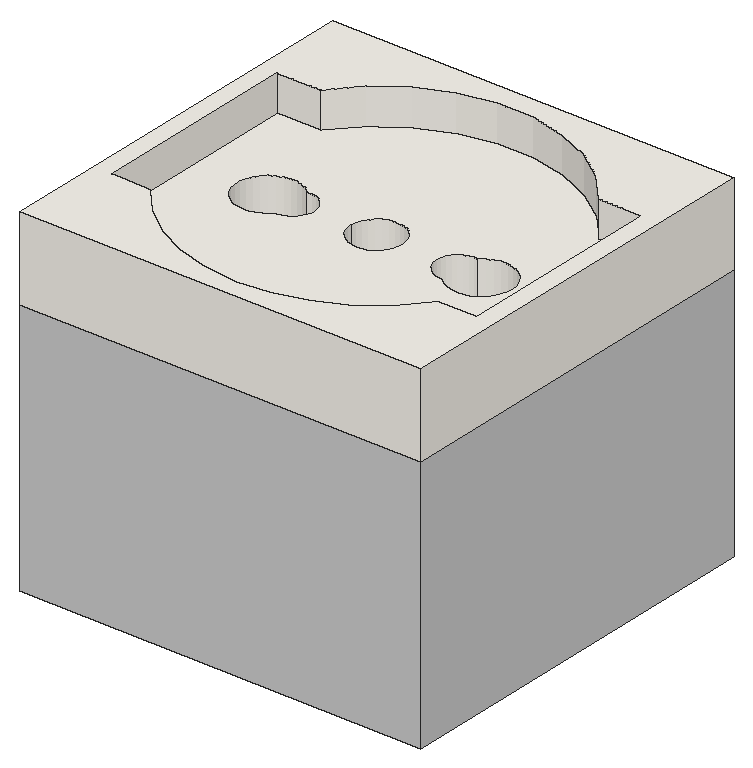
Revit family "Domotics-DomesticRanges-GEWISS-CHORUS_POWER-SOCKET-OUTLET_ITADEU_P17P30_16A", category Apparecchi elettrici, host Superficie, Revit 2016
Family settings
  Host = Superficie
  Mantenere orientamento annotazione = Sì
  Tipo di parte = Normale
  Quota connettore circolare = Usa diametro
  Numero OmniClass = 23.80.50.14
  Titolo OmniClass = Plug Connectors
  Taglio con vuoti quando caricato = Sì
  Condiviso = Sì
  Punto di calcolo locali = Sì
Parameters (values of type "GW14204 - Titanium")
  Wiring terminals = "With screw"
  Voltage: = "250 V ac"
  Voltage = "250 V ac"
  Volt = 230 V
  Vista di pianta [instance] = yes
  Version file RFA = "19.0"
  URL = "https://www.gewiss.com/ww/en"
  Type: = ""
  Tipo = CHORUS PRESE ITAGER P17-30 16A_BASE : TITANIO
  Thermo-pressure with ball = "125 °C"
  Terminal tightening capacity rigid cables (mm2) = "min. 0,5 - max. 2x2,5"
  Terminal tightening capacity flexible cables (mm2) = "min. 0,75 - max. 2x4"
  Terminal grip on cable traction = "> 50 N"
  Technical sheet = "https://www.gewiss.com/ww/en/search?q=GW14204"
  Standard; = "IEC 60884-1"
  Standard: = "Italian / German"
  Standard = "Italian / German"
  Socket-out type = "P40"
  Simbolo = SIMBOLO PRESE : PRESA
  SIMBOLO [instance] = yes
  SEO = "Socket outlet"
  Resistance at test voltage = "2000 V at 50 Hz for 1 minute"
  Realized by GEWISS S.p.A. = ""
  Prolonged operation (no.of position changes) = "10.000 at In 250 V ac cosØ=0,8"
  Produttore = "GEWISS S.p.A."
  No. Chorus modules: = "2"
  No. Chorus modules = "2"
  N. poli = 1
  Modello = "GW14204"
  Larghezza presa = 46 mm
  Insulation resistance = "> 5 MOhm"
  IFC.TypeObject = ""
  IFC.ExportType = ""
  IFC.ExportAs = ""
  Offset presa [instance] = 0 mm
  Offset bidimensionale [instance] = 2 mm
  IDT = "fcce76ed-0a56-4591-8a95-1ffc15be072f"
  IDF = "095116cd-1884-4926-bfb0-cf0118f987ce"
  Glow Wire Test = "850°C"
  For plug pins = "Ø 4 / 4.8 / 5 mm"
  Electrocod = "0131"
  Earth pit = "Side and central"
  EAN code = "8011564266315"
  Distanza_x [instance] = 0 mm
  Distanza_effettiva_x [instance] = 1500 mm - Distanza_x  # 1500 mm
  Default Elevation = 1219.2 mm
  Immagine tipo = GW14204.jpg
  Descrizione = "SOCK. 2M 2P+E 16A D.AM P30-17 IT/G ST T"
  Description: = "2P+E - 16 A Dual amperage"
  Description. = "Dual amperage socket-outlet"
  Colour = "Titanium"
  Characteristics = "With safety shields"
  Category = "Dual amperage socket-outlet"
  Catalogue Range = "CHORUS - DOMESTIC RANGE"
  Catalogue = "DOMOTICS"
  Carico apparente = 0 VA
  COBie.Tagnumber = ""
  COBie.CreatedOn = ""
  COBie.CreatebBy = ""
  COBie.ComponentRegisterItemID = ""
  COBie.Component.TagNumber = ""
  COBie.Component.Space = ""
  COBie.Component.SerialNumber = ""
  COBie.Component.InstallationDate = ""
  COBie.Component.Description = ""
  COBie.Component.BarCode = ""
  Breaking capacity: = "1.25 In (100 position changes)"
Types (6, lengths in mm): name | Type: | Tipo | Technical sheet | Modello | IDT | Earth pit | EAN code | Immagine tipo | Descrizione | Description: | Colour
  GW10204 - White | "" | CHORUS PRESE ITAGER P17-30 16A_BASE : BIANCO | "https://www.gewiss.com/ww/en/search?q=GW10204" | "GW10204" | "0ebb4f2f-e647-4dc0-b690-51a270f9549a" | "Side and central" | "8011564257924" | GW10204.jpg | "S. OUT. 2M 2P+E 16A D.AM P30-17 IT/DE WH" | "2P+E - 16 A Dual amperage" | "White"
  GW10214 - Rosso | "For allocated lines" | CHORUS PRESE ITAGER P17-30 16A_BASE : ROSSO | "https://www.gewiss.com/ww/en/search?q=GW10214" | "GW10214" | "3fbfa540-a7f5-445f-abc3-b40d03eab632" | "" | "8011564264885" | GW10214.jpg | "S. OUT. 2M 2P+E 16A D.AM P30-17 IT/DE RE" | "2P+E - 16 A Dual amperage illuminable" | "Red"
  GW10224 - Verde | "For allocated lines" | CHORUS PRESE ITAGER P17-30 16A_BASE : VERDE | "https://www.gewiss.com/ww/en/search?q=GW10224" | "GW10224" | "eea0418f-4d69-46fd-9712-c21e09ef3461" | "" | "8011564264892" | GW10224.jpg | "S. OUT. 2M 2P+E 16A D.AM P30-17 IT/DE GR" | "2P+E - 16 A Dual amperage illuminable" | "Green"
  GW10234 - Arancio | "For allocated lines" | CHORUS PRESE ITAGER P17-30 16A_BASE : ARANCIO | "https://www.gewiss.com/ww/en/search?q=GW10234" | "GW10234" | "64618dc2-4841-4573-8adf-2f212314cf16" | "" | "8011564264908" | GW10234.jpg | "S. OUT. 2M 2P+E 16A D.AM P30-17 IT/DE OR" | "2P+E - 16 A Dual amperage illuminable" | "Orange"
  GW12204 - Black | "" | CHORUS PRESE ITAGER P17-30 16A_BASE : NERO | "https://www.gewiss.com/ww/en/search?q=GW12204" | "GW12204" | "5ba45549-5ffe-46b1-87b1-92d1172a377d" | "Side and central" | "8011564266896" | GW12204.jpg | "SOCKET 2M 2P+E 16A D.AM P30-17 IT/G ST B" | "2P+E - 16 A Dual amperage" | "Black"
  GW14204 - Titanium | "" | CHORUS PRESE ITAGER P17-30 16A_BASE : TITANIO | "https://www.gewiss.com/ww/en/search?q=GW14204" | "GW14204" | "fcce76ed-0a56-4591-8a95-1ffc15be072f" | "Side and central" | "8011564266315" | GW14204.jpg | "SOCK. 2M 2P+E 16A D.AM P30-17 IT/G ST T" | "2P+E - 16 A Dual amperage" | "Titanium"
Reference planes
  plane 1 "Centro (Fronte/Retro)": y = 0
  plane 2: z = 0
  plane 3 "Centro (Sinistra/Destra)": x = 0
  plane 4: z = 0
  plane 5 "piano bidimensionale": z = 41
  plane 6: x = -23
  plane 7: x = 23
  plane 8: z = 39
  plane 9: x = -1500
  plane 10: x = 0
Lines and regions (mm)
  Masking region 1, visible <- "Vista di pianta"
    outline origin (0, 0, 0) x (1, 0, 0) y (0, 0, 1)
      loop
        line (-23, 39) -> (-23, 0) -> (23, 0) -> (23, 39) -> (-23, 39)
  Masking region 2, visible <- "Vista di pianta"
    outline origin (0, 0, 41) x (0, -1, 0) y (1, 0, 0)
      loop
        line (22.5, -23) -> (22.5, 23) -> (-22.5, 23) -> (-22.5, -23) -> (22.5, -23)
      loop
        line (-11.913, -16.013) -> (-11.913, -20.961) -> (11.913, -20.961) -> (11.913, -16.493)
        arc (11.913, -16.493) -> (20.345, 0) -> (11.913, 16.493) r 20.345
        line (11.913, 16.493) -> (11.913, 20.961) -> (-11.913, 20.961) -> (-11.913, 16.013)
        arc (-11.913, 16.013) -> (-19.959, 0) -> (-11.913, -16.013) r 19.959
      loop
        arc (2.712, 9.662) -> (0.395, 15.774) -> (-2.27, 9.805) r 3.536
        arc (-2.27, 9.805) -> (0.143, 7.04) -> (2.712, 9.662) r 2.5
      loop
        circle (0, 0) r 2.942
      loop
        arc (-2.27, -9.805) -> (0.395, -15.774) -> (2.712, -9.662) r 3.536
        arc (2.712, -9.662) -> (0.143, -7.04) -> (-2.27, -9.805) r 2.5
  Masking region 3, visible <- "Vista di pianta"
    outline origin (0, 0, 0) x (0, 1, 0) y (0, 0, 1)
      loop
        line (22.5, 0) -> (22.5, 39) -> (-22.5, 39) -> (-22.5, 0) -> (22.5, 0)
  model lines, style "pulsanti", detail levels coarse
    curve 1: line (23, 22.5, 41) -> (23, -22.5, 41)
    curve 2: line (23, -22.5, 41) -> (-23, -22.5, 41)
    curve 3: line (-23, -22.5, 41) -> (-23, 22.5, 41)
    curve 4: line (-23, 22.5, 41) -> (23, 22.5, 41)
    curve 5: arc (2.942, 0, 41) -> (0, -2.942, 41) -> (-2.942, 0, 41) r 2.942
    curve 6: arc (-2.942, 0, 41) -> (0, 2.942, 41) -> (2.942, 0, 41) r 2.942
    curve 17: arc (-9.662, -2.712, 41) -> (-15.774, -0.395, 41) -> (-9.805, 2.27, 41) r 3.536
    curve 18: arc (-9.805, 2.27, 41) -> (-7.04, -0.143, 41) -> (-9.662, -2.712, 41) r 2.5
    curve 19: arc (9.805, 2.27, 41) -> (15.774, -0.395, 41) -> (9.662, -2.712, 41) r 3.536
    curve 20: arc (9.662, -2.712, 41) -> (7.04, -0.143, 41) -> (9.805, 2.27, 41) r 2.5
    curve 21: line (-2.211, 17.826, 41) -> (2.211, 17.826, 41)
    curve 22: line (2.211, 17.826, 41) -> (2.211, 19.836, 41)
    curve 23: line (-2.211, 19.836, 41) -> (-2.211, 17.826, 41)
    curve 24: line (2.211, -18.215, 41) -> (-2.211, -18.215, 41)
    curve 25: line (-2.211, -18.215, 41) -> (-2.211, -20.225, 41)
    curve 26: line (2.211, -20.225, 41) -> (2.211, -18.215, 41)
    curve 27: line (-20.961, -11.913, 41) -> (-20.961, 11.913, 41)
    curve 28: line (-20.961, 11.913, 41) -> (-16.013, 11.913, 41)
    curve 29: arc (-16.013, 11.913, 41) -> (0, 19.959, 41) -> (16.013, 11.913, 41) r 19.959
    curve 30: line (16.013, 11.913, 41) -> (20.961, 11.913, 41)
    curve 31: line (20.961, 11.913, 41) -> (20.961, -11.913, 41)
    curve 32: line (20.961, -11.913, 41) -> (16.493, -11.913, 41)
    curve 33: arc (16.493, -11.913, 41) -> (0, -20.345, 41) -> (-16.493, -11.913, 41) r 20.345
    curve 34: line (-16.493, -11.913, 41) -> (-20.961, -11.913, 41)
  model lines, style "pulsanti", not visible, detail levels coarse
    curve 7: line (11.5, 22.5, 58) -> (11.5, -22.5, 58)
    curve 8: line (11.5, -22.5, 58) -> (-11.5, -22.5, 58)
    curve 9: line (-11.5, -22.5, 58) -> (-11.5, 22.5, 58)
    curve 10: line (-11.5, 22.5, 58) -> (11.5, 22.5, 58)
    curve 11: arc (2.942, 0, 58) -> (0, -2.942, 58) -> (-2.942, 0, 58) r 2.942
    curve 12: arc (-2.942, 0, 58) -> (0, 2.942, 58) -> (2.942, 0, 58) r 2.942
    curve 13: arc (2.573, 11.852, 58) -> (0.254, 17.963, 58) -> (-2.41, 11.994, 58) r 3.536
    curve 14: arc (-2.41, 11.994, 58) -> (0.005, 9.23, 58) -> (2.573, 11.852, 58) r 2.5
    curve 15: arc (-2.41, -11.994, 58) -> (0.254, -17.963, 58) -> (2.573, -11.852, 58) r 3.536
    curve 16: arc (2.573, -11.852, 58) -> (0.005, -9.23, 58) -> (-2.41, -11.994, 58) r 2.5
    curve 35: line (23, 22.5, 60) -> (23, -22.5, 60)
    curve 36: line (23, -22.5, 60) -> (-23, -22.5, 60)
    curve 37: line (-23, -22.5, 60) -> (-23, 22.5, 60)
    curve 38: line (-23, 22.5, 60) -> (23, 22.5, 60)
    curve 39: arc (2.942, 0, 60) -> (0, -2.942, 60) -> (-2.942, 0, 60) r 2.942
    curve 40: arc (-2.942, 0, 60) -> (0, 2.942, 60) -> (2.942, 0, 60) r 2.942
    curve 41: arc (-9.662, -2.712, 60) -> (-15.774, -0.395, 60) -> (-9.805, 2.27, 60) r 3.536
    curve 42: arc (-9.805, 2.27, 60) -> (-7.04, -0.143, 60) -> (-9.662, -2.712, 60) r 2.5
    curve 43: arc (9.805, 2.27, 60) -> (15.774, -0.395, 60) -> (9.662, -2.712, 60) r 3.536
    curve 44: arc (9.662, -2.712, 60) -> (7.04, -0.143, 60) -> (9.805, 2.27, 60) r 2.5
    curve 45: line (-2.211, 17.826, 60) -> (2.211, 17.826, 60)
    curve 46: line (2.211, 17.826, 60) -> (2.211, 19.836, 60)
    curve 47: line (-2.211, 19.836, 60) -> (-2.211, 17.826, 60)
    curve 48: line (2.211, -18.215, 60) -> (-2.211, -18.215, 60)
    curve 49: line (-2.211, -18.215, 60) -> (-2.211, -20.225, 60)
    curve 50: line (2.211, -20.225, 60) -> (2.211, -18.215, 60)
    curve 51: line (-20.961, -11.913, 60) -> (-20.961, 11.913, 60)
    curve 52: line (-20.961, 11.913, 60) -> (-16.013, 11.913, 60)
    curve 53: arc (-16.013, 11.913, 60) -> (0, 19.959, 60) -> (16.013, 11.913, 60) r 19.959
    curve 54: line (16.013, 11.913, 60) -> (20.961, 11.913, 60)
    curve 55: line (20.961, 11.913, 60) -> (20.961, -11.913, 60)
    curve 56: line (20.961, -11.913, 60) -> (16.493, -11.913, 60)
    curve 57: arc (16.493, -11.913, 60) -> (0, -20.345, 60) -> (-16.493, -11.913, 60) r 20.345
    curve 58: line (-16.493, -11.913, 60) -> (-20.961, -11.913, 60)
Dimensions and locks
  "Offset presa": plane 4 to host face
  equal spacing: plane 6, plane 3 "Centro (Sinistra/Destra)", plane 7
  "Larghezza presa": plane 6 to plane 7
  locked: plane 8 to plane 4 at 39
  plane 9 to plane 3 "Centro (Sinistra/Destra)" = 1500 mm
  "Distanza_effettiva_x": plane 9 to plane 10
  "Offset bidimensionale": plane 5 "piano bidimensionale" to plane 8
  aligned and locked: plane 2 to host face
  aligned and locked: level to host face
  aligned and locked: plane 3 "Centro (Sinistra/Destra)" to nested 1
  aligned and locked: plane 1 "Centro (Fronte/Retro)" to nested 1
  aligned and locked: nested 1 to plane 4
  aligned and locked: Masking region 1 sketch curve to plane 7
  aligned and locked: Masking region 1 sketch curve to plane 8
  aligned and locked: plane 4 to Masking region 1 sketch curve
  aligned and locked: plane 10 to nested 2
  aligned and locked: Masking region 1 to plane 4
  aligned and locked: plane 8 to Masking region 1
  aligned and locked: plane 5 "piano bidimensionale" to curve 2
  aligned and locked: plane 5 "piano bidimensionale" to curve 1
  aligned and locked: Masking region 3 sketch curve to plane 8
  aligned and locked: plane 4 to Masking region 3 sketch curve
Automatic sketch dimensions
  host sketch curve to host sketch curve = 2438.4 mm  (x2)
  curve 3 to curve 6 = 32.175 mm
  curve 5 to curve 2 = 30.143 mm
  curve 3 to curve 5 = 32.175 mm
  curve 2 to curve 2 = 46 mm
  curve 6 to curve 5 = 2.942 mm
  curve 5 to curve 6 = 0 mm  (x2)
  curve 9 to curve 12 = 22.5 mm
  curve 11 to curve 8 = 22.5 mm
  curve 9 to curve 11 = 11.5 mm
  curve 8 to curve 8 = 23 mm
  curve 12 to curve 11 = 2.942 mm
  curve 7 to curve 13 = 8.071 mm
  curve 11 to curve 16 = 11.729 mm
  curve 11 to curve 14 = 0.076 mm
  curve 11 to curve 16 = 0.076 mm
  curve 16 to curve 15 = 0.077 mm
  curve 14 to curve 13 = 0.077 mm
  curve 13 to curve 14 = 0.265 mm
  curve 14 to curve 14 = 0.123 mm
  curve 16 to curve 16 = 0.123 mm
  curve 16 to curve 15 = 0.265 mm
  curve 14 to curve 14 = 2.486 mm
  curve 15 to curve 16 = 2.486 mm
  curve 11 to curve 12 = 0 mm  (x2)
  Masking region 1 sketch curve to plane 6 = 0 mm
  plane 1 "Centro (Fronte/Retro)" to Masking region 2 sketch curve = 0 mm
  Masking region 2 sketch curve to plane 3 "Centro (Sinistra/Destra)" = 0 mm
  Masking region 2 sketch curve to plane 1 "Centro (Fronte/Retro)" = 11.913 mm
  plane 6 to Masking region 2 sketch curve = 6.987 mm
  Masking region 2 sketch curve to plane 7 = 6.987 mm
  plane 6 to Masking region 2 sketch curve = 2.039 mm
  Masking region 2 sketch curve to Masking region 2 sketch curve = 10.587 mm  (x2)
  Masking region 2 sketch curve to Masking region 2 sketch curve = 4.468 mm
  Masking region 2 sketch curve to Masking region 2 sketch curve = 0 mm  (x4)
  Masking region 2 sketch curve to plane 7 = 6.507 mm
  Masking region 2 sketch curve to plane 7 = 2.039 mm
  plane 1 "Centro (Fronte/Retro)" to Masking region 2 sketch curve = 0.215 mm  (x2)
  plane 1 "Centro (Fronte/Retro)" to Masking region 2 sketch curve = 0.293 mm  (x2)
  plane 3 "Centro (Sinistra/Destra)" to Masking region 2 sketch curve = 9.539 mm
  Masking region 2 sketch curve to Masking region 2 sketch curve = 2.701 mm  (x2)
  Masking region 2 sketch curve to plane 1 "Centro (Fronte/Retro)" = 2.27 mm  (x2)
  Masking region 2 sketch curve to Masking region 2 sketch curve = 2.497 mm  (x2)
  Masking region 2 sketch curve to Masking region 2 sketch curve = 2.942 mm
  Masking region 2 sketch curve to Masking region 2 sketch curve = 9.298 mm
  Masking region 2 sketch curve to plane 6 = 0 mm
  Masking region 2 sketch curve to plane 7 = 0 mm
  Masking region 2 sketch curve to Masking region 2 sketch curve = 9.201 mm
  plane 1 "Centro (Fronte/Retro)" to Masking region 3 sketch curve = 22.5 mm
  Masking region 3 sketch curve to plane 1 "Centro (Fronte/Retro)" = 22.5 mm
Nested families
  nested 1: "CHORUS PRESE ITAGER P17-30 16A_BASE" at (0, 0, 0), type <- "Tipo", type "TITANIO", detail levels medium+fine
  nested 2: "SIMBOLO PRESE" at (0, 100, 0), type <- "Simbolo", SIMBOLO <- "SIMBOLO", visible <- "SIMBOLO", type "PRESA"
    with TESTO ELETTRICO "UNIV.", Distanza dal muro 4.208 mm, BORDO ACCESO yes
Connectors
  electrical at (0, 0, 0), driven by "N. poli", driven by "Volt", driven by "Carico apparente"
    settings: on nested 1, index 1, voltage 230 V, apparent load 0 VA, apparent load phase1 0 VA, apparent load phase2 0 VA, apparent load phase3 0 VA, power factor 1, load classification "Other", number of poles 1, system type 31, power factor state 1, is connector primary yes, connector utility no, sub classification motor no, connector description ""
Definition of nested family "CHORUS PRESE ITAGER P17-30 16A_BASE"
  Parameters (values of type "ROSSO")
    Elementi acciaio = none
    Supporto = none
    Pulsante = none
    Profondità suporto = 15.673 mm
    Larghezza pulsante = 46 mm  # constant formula
    Bidimensionale = 36.414 mm
    Altezza pulsante = 45 mm
  Types (6): name
    NERO
    TITANIO
    BIANCO
    ARANCIO
    ROSSO
    VERDE
  Reference planes
    plane 1 "Centro (Fronte/Retro)": y = 0
    plane 2: z = 0
    plane 3 "Centro (Sinistra/Destra)": x = 0
    plane 4: y = -22.5
    plane 5: y = 22.5
    plane 6: x = -23
    plane 7: x = 23
    plane 8: z = 29.457
    plane 9 "PIANO BIDIMENSIONALE": z = 36.414
    plane 10: z = 39
    plane 11: z = 34.875
    plane 12: z = 37.806
  Forms (mm)
    Extrusion 1, solid, material <- "Supporto"
      sketch origin (0, 0, 0) x (0, 1, 0) y (0, 0, 1)
        loop
          line (-22.5, 0) -> (22.5, 0) -> (22.5, 29.457) -> (-22.5, 29.457) -> (-22.5, 0)
      from -23 to 23
    Extrusion 2, void
      sketch origin (0, 0, 36.414) x (-1, 0, 0) y (0, -1, 0)
        loop
          circle (0, 0) r 2.942
        loop
          arc (9.662, 2.712) -> (7.04, 0.143) -> (9.805, -2.27) r 2.5
          arc (9.805, -2.27) -> (15.774, 0.395) -> (9.662, 2.712) r 3.536
        loop
          arc (-9.805, -2.27) -> (-7.04, 0.143) -> (-9.662, 2.712) r 2.5
          arc (-9.662, 2.712) -> (-15.774, 0.395) -> (-9.805, -2.27) r 3.536
      from -17.891 to -1.539
    Extrusion 3, solid, material <- "Pulsante"
      sketch origin (0, 0, 36.414) x (-1, 0, 0) y (0, -1, 0)
        loop
          line (23, -22.5) -> (23, 22.5) -> (-23, 22.5) -> (-23, -22.5) -> (23, -22.5)
        loop
          arc (-16.013, -11.913) -> (0, -19.959) -> (16.013, -11.913) r 19.959
          line (16.013, -11.913) -> (20.961, -11.913) -> (20.961, 11.913) -> (16.493, 11.913)
          arc (16.493, 11.913) -> (0, 20.345) -> (-16.493, 11.913) r 20.345
          line (-16.493, 11.913) -> (-20.961, 11.913) -> (-20.961, -11.913) -> (-16.013, -11.913)
      from -6.957 to 2.586
    Extrusion 4, solid, material <- "Pulsante"
      sketch origin (0, 0, 36.414) x (-1, 0, 0) y (0, -1, 0)
        loop
          arc (-16.013, -11.913) -> (0, -19.959) -> (16.013, -11.913) r 19.959
          line (16.013, -11.913) -> (20.961, -11.913) -> (20.961, 11.913) -> (16.493, 11.913)
          arc (16.493, 11.913) -> (0, 20.345) -> (-16.493, 11.913) r 20.345
          line (-16.493, 11.913) -> (-20.961, 11.913) -> (-20.961, -11.913) -> (-16.013, -11.913)
      from -6.957 to -1.539
  Cuts and joins
    Extrusion 2 cuts Extrusion 4
  Lines and regions (mm)
    Masking region 1
      outline origin (0, 0, 36.414) x (-1, 0, 0) y (0, -1, 0)
        loop
          line (23, -22.5) -> (23, 22.5) -> (-23, 22.5) -> (-23, -22.5) -> (23, -22.5)
        loop
          line (16.013, -11.913) -> (20.961, -11.913) -> (20.961, 11.913) -> (16.493, 11.913)
          arc (16.493, 11.913) -> (0, 20.345) -> (-16.493, 11.913) r 20.345
          line (-16.493, 11.913) -> (-20.961, 11.913) -> (-20.961, -11.913) -> (-16.013, -11.913)
          arc (-16.013, -11.913) -> (0, -19.959) -> (16.013, -11.913) r 19.959
    Masking region 2
      outline origin (0, 0, 36.414) x (-1, 0, 0) y (0, -1, 0)
        loop
          line (16.013, -11.913) -> (20.961, -11.913) -> (20.961, 11.913) -> (16.493, 11.913)
          arc (16.493, 11.913) -> (10.234, 17.584) -> (2.211, 20.225) r 20.345
          line (2.211, 20.225) -> (2.211, 18.215) -> (-2.211, 18.215) -> (-2.211, 20.225)
          arc (-2.211, 20.225) -> (-10.234, 17.584) -> (-16.493, 11.913) r 20.345
          line (-16.493, 11.913) -> (-20.961, 11.913) -> (-20.961, -11.913) -> (-16.013, -11.913)
          arc (-16.013, -11.913) -> (-9.936, -17.31) -> (-2.211, -19.836) r 19.959
          line (-2.211, -19.836) -> (-2.211, -17.826) -> (2.211, -17.826) -> (2.211, -19.836)
          arc (2.211, -19.836) -> (9.936, -17.31) -> (16.013, -11.913) r 19.959
        loop
          arc (9.805, -2.27) -> (15.774, 0.395) -> (9.662, 2.712) r 3.536
          arc (9.662, 2.712) -> (7.04, 0.143) -> (9.805, -2.27) r 2.5
        loop
          circle (0, 0) r 2.942
        loop
          arc (-9.662, 2.712) -> (-15.774, 0.395) -> (-9.805, -2.27) r 3.536
          arc (-9.805, -2.27) -> (-7.04, 0.143) -> (-9.662, 2.712) r 2.5
    Masking region 3
      outline origin (0, 0, 36.414) x (-1, 0, 0) y (0, -1, 0)
        loop
          line (2.211, -19.836) -> (2.211, -17.826) -> (-2.211, -17.826) -> (-2.211, -19.836)
          arc (-2.211, -19.836) -> (0, -19.959) -> (2.211, -19.836) r 19.959
        loop
          arc (2.211, 20.223) -> (0, 20.345) -> (-2.211, 20.223) r 19.959
          line (-2.211, 20.223) -> (-2.211, 18.213) -> (2.211, 18.213) -> (2.211, 20.223)
  Dimensions and locks
    equal spacing: plane 4, plane 1 "Centro (Fronte/Retro)", plane 5
    plane 4 to plane 5 = 45 mm
    equal spacing: plane 6, plane 3 "Centro (Sinistra/Destra)", plane 7
    "Larghezza pulsante": plane 6 to plane 7
    equal spacing: plane 5, plane 1 "Centro (Fronte/Retro)", plane 4
    "Altezza pulsante": plane 5 to plane 4
    "Bidimensionale": plane 9 "PIANO BIDIMENSIONALE" to level
    level to plane 10 = 39 mm
    locked: plane 11 to plane 10 at 4.125
    locked: plane 8 to plane 10 at 9.543
    locked: plane 12 to plane 11 at 2.931
    aligned and locked: level to plane 2
    aligned and locked: Extrusion 1 sketch curve to plane 4
    aligned and locked: plane 5 to Extrusion 1 sketch curve
    aligned and locked: Extrusion 1 sketch curve to plane 2
    aligned and locked: Extrusion 1 to plane 6
    aligned and locked: plane 7 to Extrusion 1
    aligned and locked: Masking region 1 sketch curve to plane 5
    aligned and locked: Masking region 1 sketch curve to plane 7
    aligned and locked: Masking region 1 to plane 4
    aligned and locked: Extrusion 3 sketch curve to Extrusion 1  (x4)
    aligned and locked: Extrusion 3 to Extrusion 1
    aligned and locked: Extrusion 3 to plane 10
    aligned and locked: Extrusion 4 to Extrusion 1
    aligned and locked: plane 11 to Extrusion 4
    aligned and locked: plane 11 to Extrusion 2
    aligned and locked: plane 10 to Extrusion 3
    aligned and locked: plane 11 to cut or joined group of Extrusion 2, Extrusion 4
    aligned and locked: plane 8 to Extrusion 3
    aligned and locked: Extrusion 1 to plane 8
    aligned and locked: plane 8 to cut or joined group of Extrusion 2, Extrusion 4
  Automatic sketch dimensions
    plane 4 to Masking region 1 sketch curve = 0 mm
    plane 1 "Centro (Fronte/Retro)" to Extrusion 2 sketch curve = 0 mm
    Extrusion 2 sketch curve to plane 3 "Centro (Sinistra/Destra)" = 0 mm
    plane 1 "Centro (Fronte/Retro)" to Extrusion 2 sketch curve = 0.215 mm  (x2)
    Extrusion 2 sketch curve to plane 3 "Centro (Sinistra/Destra)" = 9.539 mm
    plane 1 "Centro (Fronte/Retro)" to Extrusion 2 sketch curve = 0.293 mm  (x2)
    Extrusion 2 sketch curve to Extrusion 2 sketch curve = 2.701 mm  (x2)
    Extrusion 2 sketch curve to Extrusion 2 sketch curve = 0.122 mm  (x2)
    Extrusion 2 sketch curve to plane 1 "Centro (Fronte/Retro)" = 2.27 mm  (x2)
    plane 3 "Centro (Sinistra/Destra)" to Extrusion 2 sketch curve = 9.539 mm
    Masking region 1 sketch curve to plane 6 = 0 mm
    Extrusion 3 sketch curve to Extrusion 3 sketch curve = 0 mm  (x2)
    plane 1 "Centro (Fronte/Retro)" to Extrusion 3 sketch curve = 0 mm
    Extrusion 3 sketch curve to plane 3 "Centro (Sinistra/Destra)" = 0 mm
    Extrusion 3 sketch curve to plane 7 = 2.039 mm
    Extrusion 3 sketch curve to Extrusion 3 sketch curve = 4.468 mm
    Extrusion 3 sketch curve to Extrusion 3 sketch curve = 4.947 mm
    plane 6 to Extrusion 3 sketch curve = 6.987 mm
    plane 6 to Extrusion 3 sketch curve = 6.507 mm
    plane 6 to Extrusion 3 sketch curve = 2.039 mm
    Extrusion 3 sketch curve to plane 5 = 10.587 mm
    plane 4 to Extrusion 3 sketch curve = 10.587 mm
    plane 8 to Extrusion 1 sketch curve = 0 mm
    Extrusion 4 sketch curve to Extrusion 4 sketch curve = 0 mm  (x2)
    plane 1 "Centro (Fronte/Retro)" to Extrusion 4 sketch curve = 0 mm
    Extrusion 4 sketch curve to plane 3 "Centro (Sinistra/Destra)" = 0 mm
    Extrusion 4 sketch curve to plane 7 = 6.987 mm
    Extrusion 4 sketch curve to plane 7 = 6.507 mm
    Extrusion 4 sketch curve to plane 7 = 2.039 mm
    plane 6 to Extrusion 4 sketch curve = 6.987 mm
    plane 6 to Extrusion 4 sketch curve = 6.507 mm
    plane 6 to Extrusion 4 sketch curve = 2.039 mm
    Extrusion 4 sketch curve to plane 5 = 10.587 mm
    plane 4 to Extrusion 4 sketch curve = 10.587 mm
    Masking region 1 sketch curve to plane 7 = 2.039 mm
    Masking region 1 sketch curve to Masking region 1 sketch curve = 4.468 mm
    Masking region 1 sketch curve to Masking region 1 sketch curve = 4.947 mm
    plane 6 to Masking region 1 sketch curve = 6.987 mm
    plane 6 to Masking region 1 sketch curve = 6.507 mm
    plane 6 to Masking region 1 sketch curve = 2.039 mm
    Masking region 1 sketch curve to plane 5 = 10.587 mm
    plane 4 to Masking region 1 sketch curve = 10.587 mm
    Masking region 2 sketch curve to Masking region 2 sketch curve = 0 mm  (x8)
    plane 1 "Centro (Fronte/Retro)" to Masking region 2 sketch curve = 0 mm
    Masking region 2 sketch curve to plane 3 "Centro (Sinistra/Destra)" = 0 mm
    Masking region 2 sketch curve to plane 7 = 6.987 mm
    Masking region 2 sketch curve to plane 7 = 6.507 mm
    Masking region 2 sketch curve to plane 7 = 2.039 mm
    plane 6 to Masking region 2 sketch curve = 6.987 mm
    plane 6 to Masking region 2 sketch curve = 6.507 mm
    plane 6 to Masking region 2 sketch curve = 2.039 mm
    plane 1 "Centro (Fronte/Retro)" to Masking region 2 sketch curve = 0.215 mm  (x2)
    Masking region 2 sketch curve to plane 3 "Centro (Sinistra/Destra)" = 9.539 mm
    plane 1 "Centro (Fronte/Retro)" to Masking region 2 sketch curve = 0.293 mm  (x2)
    Masking region 2 sketch curve to Masking region 2 sketch curve = 2.701 mm  (x2)
    Masking region 2 sketch curve to Masking region 2 sketch curve = 0.122 mm  (x2)
    Masking region 2 sketch curve to plane 1 "Centro (Fronte/Retro)" = 2.27 mm
    Masking region 2 sketch curve to Masking region 2 sketch curve = 2.942 mm
    Masking region 2 sketch curve to Masking region 2 sketch curve = 9.298 mm
    Masking region 2 sketch curve to Masking region 2 sketch curve = 0.266 mm
    Masking region 2 sketch curve to plane 3 "Centro (Sinistra/Destra)" = 2.211 mm  (x2)
    Masking region 2 sketch curve to Masking region 2 sketch curve = 2.01 mm  (x3)
    plane 3 "Centro (Sinistra/Destra)" to Masking region 2 sketch curve = 2.211 mm  (x2)
    Masking region 2 sketch curve to plane 5 = 4.674 mm
    Masking region 2 sketch curve to plane 5 = 10.587 mm
    plane 4 to Masking region 2 sketch curve = 10.587 mm
    Masking region 1 sketch curve to Masking region 1 sketch curve = 0 mm  (x2)
    plane 1 "Centro (Fronte/Retro)" to Masking region 1 sketch curve = 0 mm
    Masking region 1 sketch curve to plane 3 "Centro (Sinistra/Destra)" = 0 mm
    Masking region 3 sketch curve to Masking region 3 sketch curve = 0 mm
    Masking region 3 sketch curve to Masking region 3 sketch curve = 0.387 mm
    plane 1 "Centro (Fronte/Retro)" to Masking region 3 sketch curve = 0 mm
    Masking region 3 sketch curve to plane 3 "Centro (Sinistra/Destra)" = 0 mm
    plane 3 "Centro (Sinistra/Destra)" to Masking region 3 sketch curve = 2.211 mm  (x2)
    Masking region 3 sketch curve to plane 3 "Centro (Sinistra/Destra)" = 2.211 mm  (x2)
    Masking region 3 sketch curve to plane 5 = 4.674 mm
    Masking region 3 sketch curve to Masking region 3 sketch curve = 2.01 mm  (x2)
    plane 4 to Masking region 3 sketch curve = 4.287 mm
    radius of Extrusion 2 sketch curve = 2.942 mm
Definition of nested family "SIMBOLO PRESE"
  Parameters (values of type "PRESA")
    TESTO ELETTRICO [instance] = "TXT"
    Simbolo = SIMBOLO PRESE_BASE : PRESA
    SIMBOLO [instance] = yes
    Distanza dal muro [instance] = 4.208 mm
    BORDO ACCESO [instance] = yes
  Reference planes
    plane 1: y = 0
    plane 2: x = 0
  Dimensions and locks
    aligned and locked: plane 1 to nested 1
    aligned and locked: plane 2 to nested 1
  Nested families
    nested 1: "SIMBOLO PRESE_BASE" at (0, 0, 0), type <- "Simbolo", TESTO ELETTRICO <- "TESTO ELETTRICO", BORDO ACCESO <- "BORDO ACCESO", visible <- "SIMBOLO", type "PRESA"
      with TESTO ELETTRICO "TXT", BORDO ACCESO yes
  Definition of nested family "SIMBOLO PRESE_BASE"
    Parameters (values of type "PRESA")
      TESTO ELETTRICO [instance] = "TXT"
      Distanza dal muro = 4.208 mm
      BORDO ACCESO [instance] = yes
    Reference planes
      plane 1: y = 0
      plane 2: x = 0
    Lines and regions (mm)
      detail lines, visible <- "BORDO ACCESO", not visible
        curve 1: line (-1.743, 9.208, 0) -> (2.057, 9.208, 0)
        curve 2: line (2.057, 9.208, 0) -> (2.057, 4.208, 0)
        curve 3: line (2.057, 4.208, 0) -> (-1.743, 4.208, 0)
        curve 4: line (-1.743, 4.208, 0) -> (-1.743, 9.208, 0)
        curve 5: line (-1.543, 9.008, 0) -> (1.857, 9.008, 0)
        curve 6: line (1.857, 9.008, 0) -> (1.857, 4.408, 0)
        curve 7: line (1.857, 4.408, 0) -> (-1.543, 4.408, 0)
        curve 8: line (-1.543, 4.408, 0) -> (-1.543, 9.008, 0)
      detail lines
        curve 9: line (0.783, 1.133, 0) -> (-0.783, 1.133, 0)
        curve 10: line (0, 1.133, 0) -> (0, 0.349, 0)
        curve 11: arc (-0.783, 1.916, 0) -> (0, 1.133, 0) -> (0.783, 1.916, 0) r 0.783
    Text (mm)
      label "TXT" at (0.016, 1.578, 0), shows "TESTO ELETTRICO"
